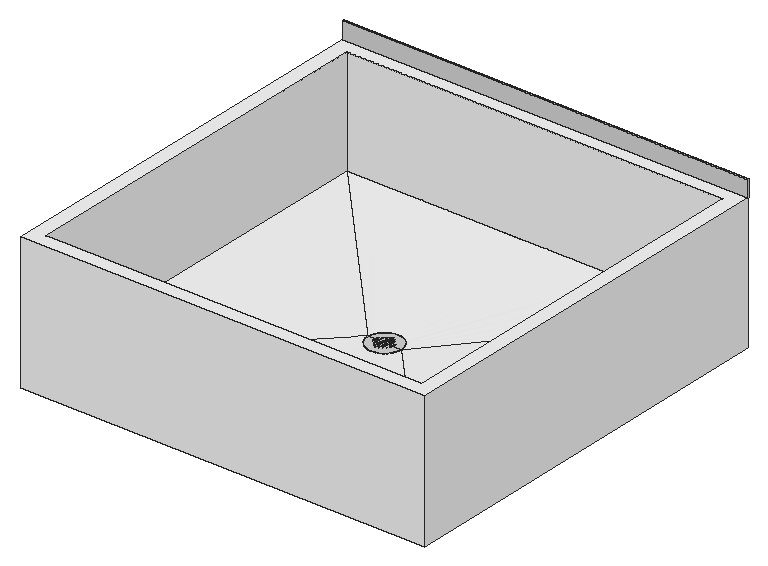
Revit family "Mop_Sink-Acorn-Terrazzo_Ware-TSH-36", category Plumbing Fixtures, host Face, Revit 2019
Family settings
  Host = Face
  Round Connector Dimension = Use Diameter
  Part Type = Normal
  OmniClass Number = 23.45.05.14.14.27
  OmniClass Title = Service Sinks
  Cut with Voids When Loaded = No
  Shared = Yes
  Room Calculation Point = No
Parameters (values of type "TSH-36-TF1")
  Width = 36"
  Waste Connection = yes
  WFU = 4  # constant formula
  Vent Connection = no
  URL = "http://www.acorneng.com/"
  Type Comments = ""
  Tiling Flange Material = Stainless Steel-Acorn-Galvanized
  TF3 Tiling Flange, Three Sides (Rear, Right and Left Sides) = no
  TF2 Tiling Flange, Two Adjacent Sides  (Rear & Right Side) = no
  TF2 Tiling Flange, Two Adjacent Sides  (Rear & Left Side) = no
  TF1 Tiling Flange, Rear Side = yes
  Sink Material = Portland Cement-Acorn-Terazzo Marble Chips
  SSC Stainless Steel Cap = no
  Product Page URL = "https://www.acorneng.com/terrazzo-mop-sink-tsh-36"
  Product Documentation Link = "https://www.acorneng.com/uploads/fileLibrary/mssh.pdf"
  OC Optional Colors (contact factory) = no
  Model = "TSH-36-TF1"
  Material = "Portland Cement-Acorn-Terazzo Marble Chips"
  Manufacturer = "Acorn Engineering Company"  # constant formula
  LB - Lint Basket/Strainer = no
  KWG Wall Guard (Shipped Loose) = no
  KMH 3 Mop Hanger Stainless Steel Bracket = no
  KH36 - Hose 36" Long with Wall Hanger = no
  KFC Chrome Utility Faucet, Hot & Cold, 8” Centerset (not Vandal Resistant; Shipped Loose) = no
  KF - Tiling Flange(s) (Shipped Loose) = no
  KDG32 Rubber Drain Gasket Reducer for 2" Waste Pipe = no
  KDG3 - Rubber Drain Gasket for 3" Waste Pipe = no
  Integral Drain Diameter = 3"  # constant formula
  Installation Type = "Floor Mounted"
  Height = 12"  # constant formula
  HWFU = 3  # constant formula
  HW Connection = no
  Drain Material = Metal-Acorn-Stainless Steel_Polished
  Description = "36\" x 36\" x 12\" Standard Height Terrazzo Mop Sink"
  Default Elevation = 0"
  Creation Date = "03/15/2024"  # constant formula
  Connection Size = 3"  # constant formula
  CWFU = 3  # constant formula
  CW Connection = no
  BDS - Beehive Dome Strainer = no
  Assembly Code = "D2010440"
  A Length = 36"
Types (5): name | Width | Product Page URL | Model | Description | A Length
  (no name) | 36" | "https://www.acorneng.com/terrazzo-mop-sink-tsh-36" | "TSH-36-TF1" | "36\" x 36\" x 12\" Standard Height Terrazzo Mop Sink" | 36"
  TSH-36-TF1 | 36" | "https://www.acorneng.com/terrazzo-mop-sink-tsh-36" | "TSH-36-TF1" | "36\" x 36\" x 12\" Standard Height Terrazzo Mop Sink" | 36"
  TSH-24-TF1 | 24" | "https://www.acorneng.com/terrazzo-mop-sink-tsh-24" | "TSH-24-TF1" | "24\" x 24\" x 12\" Standard Height Terrazzo Mop Sink" | 24"
  TSH-32-TF1 | 32" | "https://www.acorneng.com/terrazzo-mop-sink-tsh-32" | "TSH-32-TF1" | "32\" x 32\" x 12\" Standard Height Terrazzo Mop Sink" | 32"
  TSH-3624-TF1 | 24" | "https://www.acorneng.com/terrazzo-mop-sink-tsh-3624" | "TSH-3624-TF1" | "36\" x 24\" x 12\" Standard Height Terrazzo Mop Sink" | 36"
Reference planes (in)
  plane 1 "Center (Front/Back)": y = 0
  plane 2: z = 0
  plane 3 "Center (Left/Right)": x = 0
  plane 4: x = -18
  plane 5: x = 18
  plane 6: y = 18
  plane 7: y = -18
  plane 8: z = 2
  plane 9: z = 12
  plane 10: z = 13.5
  plane 11: z = 2.5
Forms (in)
  Revolve 1, solid, material "Metal-Acorn-Stainless Steel_Polished" <- "Drain Material"
    sketch origin (0, 0, -0.125) x (1, 0, 0) y (0, 0, 1)
      loop
        line (-1.4375, 0.125) -> (-1.4375, 1.7695) -> (0, 1.7695) -> (0, 2.125) -> (-1.5, 2.125) -> (-1.5, 0.125) -> (-1.4375, 0.125)
      axis (0, 0.125) -> (0, 2.125)
    angle from 0 to 360
  Extrusion 2, void
    sketch origin (0, 0, 0) x (1, 0, 0) y (0, 1, 0)
      loop
        arc (-0.09483, -0.06706) -> (-0.15208, -0.1243) -> (-0.09483, -0.18155) r 0.05725
        line (-0.09483, -0.18155) -> (0.08737, -0.18155)
        arc (0.08737, -0.18155) -> (0.14462, -0.1243) -> (0.08737, -0.06706) r 0.05725
        line (0.08737, -0.06706) -> (-0.09483, -0.06706)
      loop
        line (-0.09483, 0.06706) -> (0.08737, 0.06706)
        arc (0.08737, 0.06706) -> (0.14462, 0.1243) -> (0.08737, 0.18155) r 0.05725
        line (0.08737, 0.18155) -> (-0.09483, 0.18155)
        arc (-0.09483, 0.18155) -> (-0.15208, 0.1243) -> (-0.09483, 0.06706) r 0.05725
      loop
        line (-0.09483, 0.2486) -> (0.08737, 0.2486)
        arc (0.08737, 0.2486) -> (0.14462, 0.30585) -> (0.08737, 0.36309) r 0.05725
        line (0.08737, 0.36309) -> (-0.09483, 0.36309)
        arc (-0.09483, 0.36309) -> (-0.15208, 0.30585) -> (-0.09483, 0.2486) r 0.05725
      loop
        arc (-0.09483, -0.2486) -> (-0.15208, -0.30585) -> (-0.09483, -0.36309) r 0.05725
        line (-0.09483, -0.36309) -> (0.08737, -0.36309)
        arc (0.08737, -0.36309) -> (0.14462, -0.30585) -> (0.08737, -0.2486) r 0.05725
        line (0.08737, -0.2486) -> (-0.09483, -0.2486)
      loop
        arc (-0.50605, -0.06706) -> (-0.56329, -0.1243) -> (-0.50605, -0.18155) r 0.05725
        line (-0.50605, -0.18155) -> (-0.32385, -0.18155)
        arc (-0.32385, -0.18155) -> (-0.2666, -0.1243) -> (-0.32385, -0.06706) r 0.05725
        line (-0.32385, -0.06706) -> (-0.50605, -0.06706)
      loop
        line (-0.50605, 0.06706) -> (-0.32385, 0.06706)
        arc (-0.32385, 0.06706) -> (-0.2666, 0.1243) -> (-0.32385, 0.18155) r 0.05725
        line (-0.32385, 0.18155) -> (-0.50605, 0.18155)
        arc (-0.50605, 0.18155) -> (-0.56329, 0.1243) -> (-0.50605, 0.06706) r 0.05725
      loop
        line (-0.50605, 0.2486) -> (-0.32385, 0.2486)
        arc (-0.32385, 0.2486) -> (-0.2666, 0.30585) -> (-0.32385, 0.36309) r 0.05725
        line (-0.32385, 0.36309) -> (-0.50605, 0.36309)
        arc (-0.50605, 0.36309) -> (-0.56329, 0.30585) -> (-0.50605, 0.2486) r 0.05725
      loop
        arc (-0.50605, -0.2486) -> (-0.56329, -0.30585) -> (-0.50605, -0.36309) r 0.05725
        line (-0.50605, -0.36309) -> (-0.32385, -0.36309)
        arc (-0.32385, -0.36309) -> (-0.2666, -0.30585) -> (-0.32385, -0.2486) r 0.05725
        line (-0.32385, -0.2486) -> (-0.50605, -0.2486)
      loop
        line (0.50605, -0.06706) -> (0.32385, -0.06706)
        arc (0.32385, -0.06706) -> (0.2666, -0.1243) -> (0.32385, -0.18155) r 0.05725
        line (0.32385, -0.18155) -> (0.50605, -0.18155)
        arc (0.50605, -0.18155) -> (0.56329, -0.1243) -> (0.50605, -0.06706) r 0.05725
      loop
        arc (0.50605, 0.06706) -> (0.56329, 0.1243) -> (0.50605, 0.18155) r 0.05725
        line (0.50605, 0.18155) -> (0.32385, 0.18155)
        arc (0.32385, 0.18155) -> (0.2666, 0.1243) -> (0.32385, 0.06706) r 0.05725
        line (0.32385, 0.06706) -> (0.50605, 0.06706)
      loop
        arc (0.50605, 0.2486) -> (0.56329, 0.30585) -> (0.50605, 0.36309) r 0.05725
        line (0.50605, 0.36309) -> (0.32385, 0.36309)
        arc (0.32385, 0.36309) -> (0.2666, 0.30585) -> (0.32385, 0.2486) r 0.05725
        line (0.32385, 0.2486) -> (0.50605, 0.2486)
      loop
        line (0.50605, -0.2486) -> (0.32385, -0.2486)
        arc (0.32385, -0.2486) -> (0.2666, -0.30585) -> (0.32385, -0.36309) r 0.05725
        line (0.32385, -0.36309) -> (0.50605, -0.36309)
        arc (0.50605, -0.36309) -> (0.56329, -0.30585) -> (0.50605, -0.2486) r 0.05725
      loop
        line (-0.09483, 0.43015) -> (0.08737, 0.43015)
        arc (0.08737, 0.43015) -> (0.14462, 0.48739) -> (0.08737, 0.54464) r 0.05725
        line (0.08737, 0.54464) -> (-0.09483, 0.54464)
        arc (-0.09483, 0.54464) -> (-0.15208, 0.48739) -> (-0.09483, 0.43015) r 0.05725
      loop
        line (-0.50605, 0.43015) -> (-0.32385, 0.43015)
        arc (-0.32385, 0.43015) -> (-0.2666, 0.48739) -> (-0.32385, 0.54464) r 0.05725
        line (-0.32385, 0.54464) -> (-0.50605, 0.54464)
        arc (-0.50605, 0.54464) -> (-0.56329, 0.48739) -> (-0.50605, 0.43015) r 0.05725
      loop
        arc (0.50605, 0.43015) -> (0.56329, 0.48739) -> (0.50605, 0.54464) r 0.05725
        line (0.50605, 0.54464) -> (0.32385, 0.54464)
        arc (0.32385, 0.54464) -> (0.2666, 0.48739) -> (0.32385, 0.43015) r 0.05725
        line (0.32385, 0.43015) -> (0.50605, 0.43015)
      loop
        arc (-0.09483, -0.43015) -> (-0.15208, -0.48739) -> (-0.09483, -0.54464) r 0.05725
        line (-0.09483, -0.54464) -> (0.08737, -0.54464)
        arc (0.08737, -0.54464) -> (0.14462, -0.48739) -> (0.08737, -0.43015) r 0.05725
        line (0.08737, -0.43015) -> (-0.09483, -0.43015)
      loop
        arc (-0.50605, -0.43015) -> (-0.56329, -0.48739) -> (-0.50605, -0.54464) r 0.05725
        line (-0.50605, -0.54464) -> (-0.32385, -0.54464)
        arc (-0.32385, -0.54464) -> (-0.2666, -0.48739) -> (-0.32385, -0.43015) r 0.05725
        line (-0.32385, -0.43015) -> (-0.50605, -0.43015)
      loop
        line (0.50605, -0.43015) -> (0.32385, -0.43015)
        arc (0.32385, -0.43015) -> (0.2666, -0.48739) -> (0.32385, -0.54464) r 0.05725
        line (0.32385, -0.54464) -> (0.50605, -0.54464)
        arc (0.50605, -0.54464) -> (0.56329, -0.48739) -> (0.50605, -0.43015) r 0.05725
      loop
        line (-0.30044, 0.61169) -> (-0.11824, 0.61169)
        arc (-0.11824, 0.61169) -> (-0.06099, 0.66894) -> (-0.11824, 0.72618) r 0.05725
        line (-0.11824, 0.72618) -> (-0.30044, 0.72618)
        arc (-0.30044, 0.72618) -> (-0.35769, 0.66894) -> (-0.30044, 0.61169) r 0.05725
      loop
        arc (0.30044, 0.61169) -> (0.35769, 0.66894) -> (0.30044, 0.72618) r 0.05725
        line (0.30044, 0.72618) -> (0.11824, 0.72618)
        arc (0.11824, 0.72618) -> (0.06099, 0.66894) -> (0.11824, 0.61169) r 0.05725
        line (0.11824, 0.61169) -> (0.30044, 0.61169)
      loop
        arc (-0.30044, -0.61169) -> (-0.35769, -0.66894) -> (-0.30044, -0.72618) r 0.05725
        line (-0.30044, -0.72618) -> (-0.11824, -0.72618)
        arc (-0.11824, -0.72618) -> (-0.06099, -0.66894) -> (-0.11824, -0.61169) r 0.05725
        line (-0.11824, -0.61169) -> (-0.30044, -0.61169)
      loop
        line (0.30044, -0.61169) -> (0.11824, -0.61169)
        arc (0.11824, -0.61169) -> (0.06099, -0.66894) -> (0.11824, -0.72618) r 0.05725
        line (0.11824, -0.72618) -> (0.30044, -0.72618)
        arc (0.30044, -0.72618) -> (0.35769, -0.66894) -> (0.30044, -0.61169) r 0.05725
      loop
        line (-0.0911, 0.79324) -> (0.0911, 0.79324)
        arc (0.0911, 0.79324) -> (0.14835, 0.85048) -> (0.0911, 0.90773) r 0.05725
        line (0.0911, 0.90773) -> (-0.0911, 0.90773)
        arc (-0.0911, 0.90773) -> (-0.14835, 0.85048) -> (-0.0911, 0.79324) r 0.05725
      loop
        arc (-0.0911, -0.79324) -> (-0.14835, -0.85048) -> (-0.0911, -0.90773) r 0.05725
        line (-0.0911, -0.90773) -> (0.0911, -0.90773)
        arc (0.0911, -0.90773) -> (0.14835, -0.85048) -> (0.0911, -0.79324) r 0.05725
        line (0.0911, -0.79324) -> (-0.0911, -0.79324)
      loop
        line (-0.79227, 0.15783) -> (-0.73507, 0.15783)
        arc (-0.73507, 0.15783) -> (-0.67782, 0.21507) -> (-0.73507, 0.27232) r 0.05725
        line (-0.73507, 0.27232) -> (-0.79227, 0.27232)
        arc (-0.79227, 0.27232) -> (-0.84951, 0.21507) -> (-0.79227, 0.15783) r 0.05725
      loop
        arc (-0.79227, -0.15783) -> (-0.84951, -0.21507) -> (-0.79227, -0.27232) r 0.05725
        line (-0.79227, -0.27232) -> (-0.73507, -0.27232)
        arc (-0.73507, -0.27232) -> (-0.67782, -0.21507) -> (-0.73507, -0.15783) r 0.05725
        line (-0.73507, -0.15783) -> (-0.79227, -0.15783)
      loop
        line (-0.79227, -0.05725) -> (-0.73507, -0.05725)
        arc (-0.73507, -0.05725) -> (-0.67782, 0) -> (-0.73507, 0.05725) r 0.05725
        line (-0.73507, 0.05725) -> (-0.79227, 0.05725)
        arc (-0.79227, 0.05725) -> (-0.84951, 0) -> (-0.79227, -0.05725) r 0.05725
      loop
        arc (0.79227, 0.15783) -> (0.84951, 0.21507) -> (0.79227, 0.27232) r 0.05725
        line (0.79227, 0.27232) -> (0.73507, 0.27232)
        arc (0.73507, 0.27232) -> (0.67782, 0.21507) -> (0.73507, 0.15783) r 0.05725
        line (0.73507, 0.15783) -> (0.79227, 0.15783)
      loop
        line (0.79227, -0.15783) -> (0.73507, -0.15783)
        arc (0.73507, -0.15783) -> (0.67782, -0.21507) -> (0.73507, -0.27232) r 0.05725
        line (0.73507, -0.27232) -> (0.79227, -0.27232)
        arc (0.79227, -0.27232) -> (0.84951, -0.21507) -> (0.79227, -0.15783) r 0.05725
      loop
        arc (0.79227, -0.05725) -> (0.84951, 0) -> (0.79227, 0.05725) r 0.05725
        line (0.79227, 0.05725) -> (0.73507, 0.05725)
        arc (0.73507, 0.05725) -> (0.67782, 0) -> (0.73507, -0.05725) r 0.05725
        line (0.73507, -0.05725) -> (0.79227, -0.05725)
    from 1.6445 to 2
  Sweep 3, solid, material "Portland Cement-Acorn-Terazzo Marble Chips" <- "Sink Material"
    path origin (0, 0, 0) x (1, 0, 0) y (0, 1, 0)
      loop
        line (-18, -18) -> (18, -18) -> (18, 18) -> (-18, 18) -> (-18, -18)
    profile origin (-18, 0, 0) x (-1, 0, 0) y (0, 0, 1)
      loop
        line (0, 0) -> (0, 12) -> (-1.25, 12) -> (-1.25, 2.5) -> (-5.75, 2.5) -> (-5.75, 0) -> (0, 0)
  Extrusion 4, solid, material "Stainless Steel-Acorn-Galvanized" <- "Tiling Flange Material", visible <- "TF1 Tiling Flange, Rear Side"
    sketch origin (18, 18, 12) x (0, -1, 0) y (0, 0, -1)
      loop
        line (0, -1.5) -> (0.1, -1.5) -> (0.1, 0) -> (0, 0) -> (0, -1.5)
    from -36 to 0
  Extrusion 5, solid, material "Portland Cement-Acorn-Terazzo Marble Chips" <- "Sink Material"
    sketch origin (0, 0, 0.5) x (1, 0, 0) y (0, 1, 0)
      loop
        line (-12.25, 12.25) -> (-12.25, -12.25) -> (12.25, -12.25) -> (12.25, 12.25) -> (-12.25, 12.25)
      loop
        circle (0, 0) r 1.5
    from -0.5 to 2
  Blend 6, void
    base sketch origin (0, 0, 0) x (1, 0, 0) y (0, 1, 0)
      loop
        line (-16.75, 16.75) -> (-16.75, -16.75) -> (16.75, -16.75) -> (16.75, 16.75) -> (-16.75, 16.75)
    top sketch origin (0, 0, 0) x (1, 0, 0) y (0, 1, 0)
      loop
        circle (0, 0) r 1.5
    from 2.5 to 2
Cuts and joins
  Extrusion 2, Blend 6 cuts Revolve 1
  Blend 6 cuts Sweep 3
  Blend 6 cuts Extrusion 5
  joined: Sweep 3, Extrusion 5
Dimensions and locks (in)
  equal spacing: plane 4, plane 3 "Center (Left/Right)", plane 5
  equal spacing: plane 7, plane 1 "Center (Front/Back)", plane 6
  "Width": plane 6 to plane 7
  "A Length": plane 4 to plane 5
  locked: plane 8 to host face at 2
  "Height": plane 9 to host face
  locked: plane 10 to plane 9 at 1.5
  locked: Sweep 3 sketch curve to plane 4 at 1.25
  locked: Extrusion 4 sketch curve to plane 6 at 0.1
  locked: plane 11 to plane 8 at 0.5
  aligned and locked: plane 2 to host face
  aligned and locked: level to host face
  aligned and locked: Sweep 3 sketch curve to plane 7
  aligned and locked: plane 5 to Sweep 3 sketch curve
  aligned and locked: Sweep 3 sketch curve to plane 6
  aligned and locked: plane 4 to Sweep 3 sketch curve  (x2)
  aligned and locked: host face to Sweep 3 sketch curve
  aligned and locked: Sweep 3 sketch curve to plane 9
  aligned and locked: Extrusion 4 sketch curve to plane 9
  aligned and locked: plane 10 to Extrusion 4 sketch curve
  aligned and locked: plane 6 to Extrusion 4 sketch curve
  aligned and locked: Extrusion 4 to plane 4
  aligned and locked: Extrusion 4 to plane 5
  aligned and locked: cut or joined group of Revolve 1, Extrusion 2, Blend 6 to host face
  aligned and locked: cut or joined group of Revolve 1, Extrusion 2, Blend 6 to plane 8
  aligned and locked: plane 8 to cut or joined group of Revolve 1, Extrusion 2, Blend 6
  aligned and locked: plane 11 to Sweep 3 sketch curve
  aligned and locked: Extrusion 5 to level
  aligned and locked: cut or joined group of Sweep 3, Extrusion 5, Blend 6 to Extrusion 5
  aligned and locked: cut or joined group of Sweep 3, Extrusion 5, Blend 6 to Extrusion 5 sketch curve  (x3)
  aligned and locked: Extrusion 5 sketch curve to cut or joined group of Sweep 3, Extrusion 5, Blend 6
  aligned and locked: Blend 6 sketch curve to cut or joined group of Sweep 3, Extrusion 5, Blend 6  (x4)
  aligned and locked: Blend 6 to Revolve 1
  aligned and locked: Blend 6 to cut or joined group of Sweep 3, Extrusion 5, Blend 6
Automatic sketch dimensions
  host sketch curve to host sketch curve = 96"  (x2)
  Revolve 1 sketch curve to level = 0"
  Revolve 1 sketch curve to plane 8 = 0"
  Revolve 1 sketch curve to plane 3 "Center (Left/Right)" = 0"  (x2)
  Revolve 1 sketch curve to plane 8 = 0.3555"
  Revolve 1 sketch curve to Revolve 1 sketch curve = 1 7/16"
  Revolve 1 sketch curve to Revolve 1 sketch curve = 1/16"
  plane 11 to Revolve 1 sketch curve = 1/8"
  Revolve 1 sketch curve to Revolve 1 sketch curve = 1/4"
  plane 1 "Center (Front/Back)" to Extrusion 2 sketch curve = 0"  (x2)
  Extrusion 2 sketch curve to plane 1 "Center (Front/Back)" = 0.21507"
  Extrusion 2 sketch curve to plane 3 "Center (Left/Right)" = 0.79227"
  Extrusion 2 sketch curve to Extrusion 2 sketch curve = 0"  (x48)
  Extrusion 2 sketch curve to Extrusion 2 sketch curve = 0.0572"  (x6)
  Extrusion 2 sketch curve to Extrusion 2 sketch curve = 0.22902"  (x3)
  Extrusion 2 sketch curve to plane 1 "Center (Front/Back)" = 0.06706"  (x3)
  Extrusion 2 sketch curve to Extrusion 2 sketch curve = 0.1822"  (x7)
  Extrusion 2 sketch curve to Extrusion 2 sketch curve = 0.02341"  (x4)
  Extrusion 2 sketch curve to plane 3 "Center (Left/Right)" = 0.11824"  (x2)
  Extrusion 2 sketch curve to plane 3 "Center (Left/Right)" = 0.09483"  (x5)
  Extrusion 2 sketch curve to plane 3 "Center (Left/Right)" = 0.0911"  (x2)
  plane 3 "Center (Left/Right)" to Extrusion 2 sketch curve = 0.08737"  (x6)
  plane 3 "Center (Left/Right)" to Extrusion 2 sketch curve = 0.0911"  (x2)
  Extrusion 2 sketch curve to Extrusion 2 sketch curve = 0.03087"
  plane 3 "Center (Left/Right)" to Extrusion 2 sketch curve = 0.11824"
  Extrusion 2 sketch curve to Extrusion 2 sketch curve = 0.23648"  (x2)
  plane 1 "Center (Front/Back)" to Extrusion 2 sketch curve = 0.05725"
  plane 1 "Center (Front/Back)" to Extrusion 2 sketch curve = 0.06706"  (x3)
  Extrusion 2 sketch curve to Extrusion 2 sketch curve = 0.05725"  (x29)
  Extrusion 2 sketch curve to Extrusion 2 sketch curve = 0.15783"
  Extrusion 2 sketch curve to Extrusion 2 sketch curve = 0.10058"  (x2)
  Extrusion 2 sketch curve to Extrusion 2 sketch curve = 0.06706"  (x18)
  Sweep 3 sketch curve to Sweep 3 sketch curve = 4 1/2"
  plane 1 "Center (Front/Back)" to Extrusion 5 sketch curve = 0"
  Extrusion 5 sketch curve to plane 3 "Center (Left/Right)" = 0"
  radius of Extrusion 5 sketch curve = 1 1/2"
Connectors (in)
  piping at (0, 0, 0), diameter 3, driven by "Connection Size", driven by "WFU"
    settings: on cut or joined group of Revolve 1, Extrusion 2, Blend 6, index 1, connector inside diameter 24", connector length 0", flow factor 0, pipe flow 0 GPM, pressure drop 0.00 psi, fitting loss kfactor 0, connector angle 0.00°, fixture units 4, engagement length 0", angle of deflection 0.00°, flow configuration 3, flow direction 2, fitting loss method 0, system type 16, joint type 0, gender type 0, connector reference index -1, connector utility 0, adjustable connector no, is connector primary yes, connector description "3\" Waste Outlet Connection"
